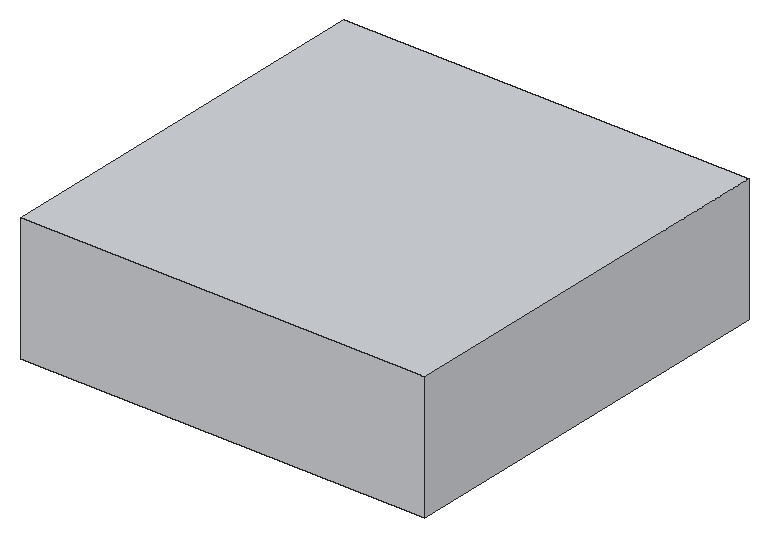
Revit family "LE_D_RE_Sicherheitsleuchte_Einbau_V1700", category Leuchten, Revit 2017
Family settings
  Bemaßung runder Anschluss = Radius verwenden
  Teiletyp = Normal
  OmniClass-Nummer = 23.80.70.00
  OmniClass-Titel = Lighting
  Arbeitsebenenbasiert = Ja
  Immer vertikal = Ja
  Beim Laden mit Abzugskörper schneiden = Nein
  Lichtquelle = Ja
  Gemeinsam genutzt = Nein
  Raumberechnungspunkt = Ja
Parameters (values of type "Sicherheitsleuchte_allg")
  pbr_Material_KZ = ""
  pbr_Material = none
  pbr_E_Typ = ""
  pbr_E_KZ = ""
  pbr_DINBild = 0
  pbr_Bild = 0
  cpiFitMatchKey [instance] = "E-ABL-1.18-5"
  Zentrale [instance] = ""
  built-in parameter 1150104 = 13.8 (stored number, unit not read)
  Wirkleistung [instance] = 0 W
  Wattage = 18 W
  Default Elevation = 1219.2 mm
  Emit from Rectangle Length = Breite  # 320 mm
  Emit from Rectangle Width = Breite  # 320 mm
  built-in parameter 1150113 = 1 (stored number, unit not read)
  built-in parameter 1114218 = 1 (stored number, unit not read)
  Typ = ""
  Text3 = ""
  Text2 = ""
  Text1 = ""
  built-in parameter 1150134 = 3
  built-in parameter 1150109 = 1 (stored number, unit not read)
  Symabsrand [instance] = 50 mm
  built-in parameter 1010506 = 0.5236 (stored number, unit not read)
  built-in parameter 1150110 = 1 (stored number, unit not read)
  Spannung = 230 V
  Scheinleistung [instance] = 0 VA
  Schaltgruppe2 [instance] = 0
  Schaltgruppe1 [instance] = 0
  Punktabstand = Breite * 0.25  # 80 mm
  Planungsbüro Rohling = "www.pbr.de"
  Neigungswinkel = 90.00°
  Radius_Leerrohr [instance] = 50 mm
  Menge(Dosenzahl) = 1
  Light Source Symbol Length = 3048 mm
  Linie/Anschluss [instance] = ""
  built-in parameter 1114217 = 1 (stored number, unit not read)
  built-in parameter 1150139 = (empty or 0)
  built-in parameter 1150105 = 8939.9 (stored number, unit not read)
  built-in parameter 1150114 = 1 (stored number, unit not read)
  Lumens = 2673.76 lm
  built-in parameter 1150115 = 1 (stored number, unit not read)
  Lastklassifizierung = Beleuchtung
  Lampentyp [instance] = ""
  built-in parameter 1150112 = 1 (stored number, unit not read)
  Lampe = "Anbauleuchte"
  Kommentar zur Wattzahl [instance] = ""
  Installationsart [instance] = ""
  Info = ""
  Höhe = 100 mm
  Gewerk [instance] = "SIBEL"
  Feldwinkel des Spotlichts = 90.00°
  Dimming Lamp Color Temperature Shift = (empty or 0)
  Color Filter = 16777215
  Länge des Lichtquellensymbols = 3048 mm
  Emit Shape Visible in Rendering = no
  built-in parameter 1150137 = (empty or 0)
  built-in parameter 1150132 = (empty or 0)
  Breite = 320 mm
  Modell = "B2"
  built-in parameter 1150106 = 89.399 (stored number, unit not read)
  built-in parameter 1150107 = 3200 (stored number, unit not read)
  built-in parameter 1150102 = (empty or 0)
  built-in parameter 1150138 = (empty or 0)
  Abstand inneres Rechteck = Breite * 0.05  # 16 mm
Reference planes
  plane 1 "Mitte (Vorne/hinten)": y = 0
  plane 2: z = 0
  plane 3 "Mitte (Links/rechts)": x = 0
  plane 4: y = 160
  plane 5: x = 160
  plane 6: y = -160
  plane 7: x = -160
  plane 8 "oben": z = 100
  plane 9: y = 0
  plane 10: y = 0
  plane 11: y = 0
  plane 12: x = -80
  plane 13: x = 80
  plane 14: x = -144
  plane 15: y = -144
  plane 16: y = 144
  plane 17: x = 144
Forms (mm)
  Extrusion 1, solid
    sketch origin (0, 0, 0) x (1, 0, 0) y (0, 1, 0)
      loop
        line (-160, 160) -> (-160, -160) -> (160, -160) -> (160, 160) -> (-160, 160)
    from 0 to 100 <- "Höhe"
Dimensions and locks
  equal spacing: plane 6, plane 1 "Mitte (Vorne/hinten)", plane 4
  equal spacing: plane 7, plane 3 "Mitte (Links/rechts)", plane 5
  "Höhe": plane 8 "oben" to level
  "Breite": plane 7 to plane 5
  "Breite": plane 4 to plane 6
  "Punktabstand": plane 7 to plane 12
  "Punktabstand": plane 13 to plane 5
  "Abstand inneres Rechteck": plane 7 to plane 14
  "Abstand inneres Rechteck": plane 17 to plane 5
  "Abstand inneres Rechteck": plane 15 to plane 6
  "Abstand inneres Rechteck": plane 4 to plane 16
  aligned and locked: level to plane 2
  aligned and locked: plane 4 to Extrusion 1
  aligned and locked: plane 6 to Extrusion 1
  aligned and locked: plane 7 to Extrusion 1
  aligned and locked: plane 5 to Extrusion 1
  aligned and locked: plane 3 "Mitte (Links/rechts)" to nested 1
  aligned and locked: plane 1 "Mitte (Vorne/hinten)" to nested 1
Automatic sketch dimensions
  Extrusion 1 sketch curve to plane 6 = 0 mm
  Extrusion 1 sketch curve to plane 7 = 0 mm
  plane 5 to Extrusion 1 sketch curve = 0 mm
  Extrusion 1 sketch curve to plane 4 = 0 mm
Nested families
  nested 1: "Sicherheitsleuchte allgemein einbau" at (0, 0, 0), type "Sicherheitsleuchte allgemein einbau"
    with Zentrale "", Wirkungsgrad 0 lm/W, Watt 0 W, Spannung 0, Scheinleistung 0 VA, Schaltgruppe2 0, Schaltgruppe1 0, Lastklassifizierung none, Lampentyp "", Kommentar zur Wattzahl "", Installationsart "", Breite DE 320 mm
Connectors
  electrical at (0, 0, 100), driven by "Spannung", driven by "Lastklassifizierung"
    settings: on Extrusion 1, index 1, voltage 230 V, apparent load 0 VA, apparent load phase1 18 VA, apparent load phase2 0 VA, apparent load phase3 0 VA, power factor 1, load classification "Beleuchtung", number of poles 1, system type 30, power factor state 1, is connector primary yes, connector utility no, sub classification motor no, connector description ""
  cabletrayconduit at (0, 0, 100), diameter 100, driven by "Radius_Leerrohr"
    settings: on Extrusion 1, index 2, connector width 300 mm, connector height 300 mm, connector angle 0.00°, system type 32, placement type 0, profile type 0, connector reference index -1, is primary connector yes, connector utility param no, connector description ""
Definition of nested family "Sicherheitsleuchte allgemein einbau"
  Parameters (values of type "Sicherheitsleuchte allgemein einbau")
    pbr_Material_KZ = ""
    pbr_Material = none
    pbr_E_Typ = ""
    pbr_E_KZ = ""
    pbr_DINBild = 0
    pbr_Bild = 0
    Zentrale [instance] = ""
    Wirkungsgrad [instance] = 0 lm/W
    Watt [instance] = 0 W
    Typ = ""
    Text3 = ""
    Text2 = ""
    Text1 = ""
    Spannung [instance] = 0
    Sicherhheitsleuchte = yes
    Sicherheitsleuchte LED = yes
    Scheinleistung [instance] = 0 VA
    Schaltgruppe2 [instance] = 0
    Schaltgruppe1 [instance] = 0
    Planungsbüro Rohling = "www.pbr.de"
    Menge(Dosenzahl) = 1
    Lastklassifizierung [instance] = none
    Lampentyp [instance] = ""
    Kommentar zur Wattzahl [instance] = ""
    Installationsart [instance] = ""
    Info = ""
    Gewerk = "Beleuchtung"
    Breite DE [instance] = 320 mm
    Abstand Pukt = 88.357 mm
  Reference planes
    plane 1 "Mitte (Vorne/Hinten)": y = 0
    plane 2: z = 0
    plane 3 "Mitte (Links/Rechts)": x = 0
    plane 4: x = -88.357
    plane 5: x = 88.357
    plane 6: x = -160
    plane 7: x = 160
    plane 8: y = -160
    plane 9: y = 160
  Lines and regions (mm)
    Filled region 1, type "Flächenfüllung Schwarz", in view "Referenzebene"
      outline origin (88.357, 0, 0) x (1, 0, 0) y (0, 1, 0)
        loop
          circle (-88.357, 0) r 15
    Filled region 2, type "Flächenfüllung Schwarz", in view "Referenzebene"
      outline origin (176.713, 0, 0) x (1, 0, 0) y (0, 1, 0)
        loop
          circle (-88.357, 0) r 15
    Filled region 3, type "Flächenfüllung Schwarz", in view "Referenzebene"
      outline origin (0, 0, 0) x (1, 0, 0) y (0, 1, 0)
        loop
          circle (-88.357, 0) r 15
    detail lines, in view "Referenzebene"
      curve 1: line (-160, 160, 0) -> (-160, -160, 0)
      curve 2: line (-160, -160, 0) -> (160, -160, 0)
      curve 3: line (160, -160, 0) -> (160, 160, 0)
      curve 4: line (160, 160, 0) -> (-160, 160, 0)
      curve 5: line (-160, 160, 0) -> (-160, -160, 0)
      curve 6: line (-160, -160, 0) -> (160, -160, 0)
      curve 7: line (160, 160, 0) -> (-160, 160, 0)
      curve 8: line (144, 144, 0) -> (-144, 144, 0)
      curve 9: line (-144, -144, 0) -> (144, -144, 0)
      curve 10: line (-144, 144, 0) -> (-144, -144, 0)
      curve 11: line (144, -144, 0) -> (144, 144, 0)
  Dimensions and locks
    equal spacing: plane 4, plane 3 "Mitte (Links/Rechts)", plane 5
    "Abstand Pukt": plane 4 to plane 3 "Mitte (Links/Rechts)"
    "Breite DE": plane 6 to plane 7
    equal spacing: plane 6, plane 3 "Mitte (Links/Rechts)", plane 7
    equal spacing: plane 9, plane 1 "Mitte (Vorne/Hinten)", plane 8
    "Breite DE": plane 9 to plane 8
    aligned and locked: plane 7 to curve 3
    aligned and locked: curve 5 to plane 6
    aligned and locked: curve 6 to plane 8
    aligned and locked: plane 9 to curve 7
  Automatic sketch dimensions
    plane 6 to curve 8 = 16 mm
    curve 9 to plane 7 = 16 mm
    plane 8 to curve 10 = 16 mm
    curve 10 to plane 9 = 16 mm
    plane 1 "Mitte (Vorne/Hinten)" to Filled region 1 sketch curve = 0 mm
    Filled region 1 sketch curve to plane 3 "Mitte (Links/Rechts)" = 0 mm
    plane 1 "Mitte (Vorne/Hinten)" to Filled region 2 sketch curve = 0 mm
    Filled region 2 sketch curve to plane 5 = 0 mm
    plane 1 "Mitte (Vorne/Hinten)" to Filled region 3 sketch curve = 0 mm
    Filled region 3 sketch curve to plane 4 = 0 mm
    radius of Filled region 1 sketch curve = 15 mm
    radius of Filled region 2 sketch curve = 15 mm
    radius of Filled region 3 sketch curve = 15 mm
